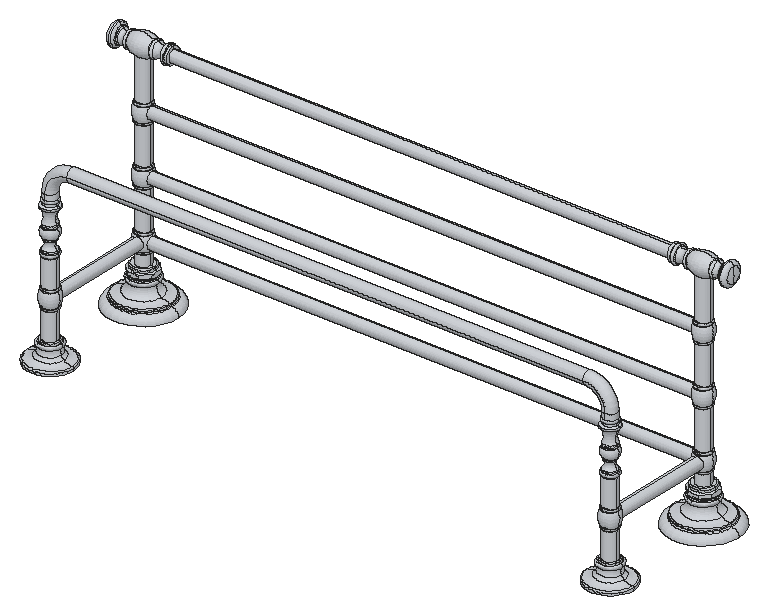
Revit family "Accessory-Towel_Bar-KOHLER-Artifacts-K-72575_1", category Specialty Equipment, host Face, Revit 2015
Parameters (values of type "CP-Polished Chrome")
  Width = 10"  # constant formula
  URL = "https://www.us.kohler.com/us/"
  Type = 1
  Product Page URL = "http://www.us.kohler.com/us/catalog/productDetails.jsp?productNumber=72575"
  Product Name = "Artifacts"  # constant formula
  Product Documentation Link = "http://www.us.kohler.com/onlinecatalog/pdf/K-72575_spec.pdf"
  Model = if(Type = 1, "K-72575-CP", if(Type = 2, "K-72575-SN", if(Type = 3, "K-72575-BN", if(Type = 4, "K-72575-BV", if(Type = 5, "K-72575-2BZ", if(Type = 6, "K-72575-VNT", "NA"))))))  # "K-72575-CP"
  Material = "Premium Metal Construction"  # constant formula
  MasterFormat 2004 = "10.28.13"  # constant formula
  MasterFormat 1995 = "10820"  # constant formula
  Manufacturer Address = "444 Highland Dr, Kohler, WI 53044"  # constant formula
  Manufacturer = "KOHLER Co."  # constant formula
  Length = 24"  # constant formula
  Height = 7 1/2"  # constant formula
  Finish = Kohler-Metal-CP-Polished_Chrome
  Environmental Product Declaration = ""
  Description = "Hotelier"  # constant formula
  Default Elevation = 42"
  Declare Label = ""
  Date Modified = "10/13/2018"  # constant formula
  Date Created = "10/13/2018"  # constant formula
  Copyright = "Copyright KOHLER Co."  # constant formula
  Contact Us = "https://www.us.kohler.com/us/static/contact.jsp"
  Assembly Code = "C1030200"
  ADA Compliant = 1 = 0  # no
Reference planes (in)
  plane 1 "Center (Front/Back)": y = 0
  plane 2: z = 0
  plane 3 "Center (Left/Right)": x = 0
  plane 4: x = 12
  plane 5: x = -12
  plane 6: z = 10
  plane 7: y = 1.5
  plane 8: y = -6
Dimensions and locks (in)
  "Width": plane 6 to plane 2
  "Height": plane 8 to plane 7
  "Length": plane 5 to plane 4
  aligned and locked: plane 2 to host face
  aligned and locked: level to host face
  aligned and locked: plane 4 to nested 1
  aligned and locked: plane 5 to nested 1
Automatic sketch dimensions
  host sketch curve to host sketch curve = 96"  (x2)
Nested families (in)
  nested 1: "K-72575" at (0, 0, 0), type "K-72575"
Definition of nested family "K-72575"
  Parameters (values of type "K-72575")
    Material = none
  Reference planes (in)
    plane 1 "Center (Front/Back)": y = 0
    plane 2: z = 0
    plane 3 "Center (Left/Right)": x = 0
    plane 4 "A": x = -12
    plane 5 "B": x = 12
    plane 6: x = -13.5
    plane 7: x = -10.5
    plane 8: y = 1.5
    plane 9: y = -6
    plane 10: y = -1.5
    plane 11: z = 2.5
    plane 12: z = 5
    plane 13: z = 7.5
    plane 14: z = 10
    plane 15: x = 10.5
    plane 16: x = 13.5
    plane 17 "C": y = -4.99985
  Forms (in)
    Revolve 1, solid, material <- "Material", detail levels medium+fine
      sketch origin (0, 0, 0) x (1, 0, 0) y (0, 0, 1)
        loop
          line (-12, 10) -> (-12.30053, 10) -> (-12.30053, 7.87648)
          arc (-12.30053, 7.87648) -> (-12.30595, 7.85902) -> (-12.32032, 7.8477) r 0.03081
          arc (-12.32032, 7.8477) -> (-12.34425, 7.82123) -> (-12.33697, 7.78629) r 0.03938
          arc (-12.33697, 7.78629) -> (-12.33115, 7.77213) -> (-12.3339, 7.75706) r 0.02719
          arc (-12.3339, 7.75706) -> (-12.40604, 7.45151) -> (-12.3322, 7.14636) r 0.67521
          arc (-12.3322, 7.14636) -> (-12.32956, 7.13051) -> (-12.33652, 7.11604) r 0.0266
          arc (-12.33652, 7.11604) -> (-12.34478, 7.08407) -> (-12.32222, 7.05996) r 0.03427
          arc (-12.32222, 7.05996) -> (-12.30554, 7.04781) -> (-12.29917, 7.02817) r 0.03344
          line (-12.29917, 7.02817) -> (-12.29917, 5.44024)
          arc (-12.29917, 5.44024) -> (-12.30074, 5.41166) -> (-12.32163, 5.39211) r 0.0384
          arc (-12.32163, 5.39211) -> (-12.3448, 5.3664) -> (-12.33803, 5.33247) r 0.03858
          arc (-12.33803, 5.33247) -> (-12.33246, 5.31827) -> (-12.33535, 5.3033) r 0.02739
          arc (-12.33535, 5.3033) -> (-12.40753, 4.99784) -> (-12.33376, 4.69276) r 0.67499
          arc (-12.33376, 4.69276) -> (-12.33117, 4.67682) -> (-12.33822, 4.66229) r 0.02676
          arc (-12.33822, 4.66229) -> (-12.34653, 4.63041) -> (-12.32407, 4.60632) r 0.03418
          arc (-12.32407, 4.60632) -> (-12.30652, 4.59287) -> (-12.3012, 4.57142) r 0.03346
          line (-12.3012, 4.57142) -> (-12.3012, 2.92544)
          arc (-12.3012, 2.92544) -> (-12.30757, 2.9058) -> (-12.32426, 2.89364) r 0.03346
          arc (-12.32426, 2.89364) -> (-12.34647, 2.86701) -> (-12.33903, 2.83268) r 0.03938
          arc (-12.33903, 2.83268) -> (-12.33321, 2.81851) -> (-12.33597, 2.80345) r 0.02719
          arc (-12.33597, 2.80345) -> (-12.4081, 2.49789) -> (-12.33426, 2.19275) r 0.67521
          arc (-12.33426, 2.19275) -> (-12.33162, 2.1769) -> (-12.33859, 2.16242) r 0.0266
          arc (-12.33859, 2.16242) -> (-12.34685, 2.13045) -> (-12.32428, 2.10635) r 0.03427
          arc (-12.32428, 2.10635) -> (-12.3076, 2.09419) -> (-12.30123, 2.07456) r 0.03344
          line (-12.30123, 2.07456) -> (-12.30123, 1.61016) -> (-12.4611, 1.61016)
          arc (-12.4611, 1.61016) -> (-12.48854, 1.5988) -> (-12.49991, 1.57135) r 0.03881
          line (-12.49991, 1.57135) -> (-12.49991, 1.48615) -> (-12.71535, 1.36176) -> (-12.55108, 1.26306)
          arc (-12.55108, 1.26306) -> (-12.52246, 1.24241) -> (-12.51152, 1.20886) r 0.05691
          line (-12.51152, 1.20886) -> (-12.51152, 1.16451)
          arc (-12.51152, 1.16451) -> (-12.52006, 1.1439) -> (-12.54067, 1.13536) r 0.02915
          line (-12.54067, 1.13536) -> (-12.60398, 1.13536)
          arc (-12.60398, 1.13536) -> (-12.64871, 1.07439) -> (-12.60382, 1.01353) r 0.06381
          arc (-12.60382, 1.01353) -> (-12.59075, 1.00567) -> (-12.5828, 0.99266) r 0.03202
          arc (-12.5828, 0.99266) -> (-12.59478, 0.7331) -> (-12.77276, 0.54379) r 0.37454
          arc (-12.77276, 0.54379) -> (-12.95616, 0.47424) -> (-13.1497, 0.4423) r 0.98757
          arc (-13.1497, 0.4423) -> (-13.17044, 0.43251) -> (-13.17888, 0.41118) r 0.03118
          line (-13.17888, 0.41118) -> (-13.17888, 0.35427)
          arc (-13.17888, 0.35427) -> (-13.18869, 0.3289) -> (-13.21301, 0.31674) r 0.0377
          arc (-13.21301, 0.31674) -> (-13.41791, 0.214) -> (-13.5, 0) r 0.31703
          line (-13.5, 0) -> (-12, 0) -> (-12, 10)
        axis (-12, 0) -> (-12, 10)
      angle from 0 to 360
    Extrusion 2, void
      sketch origin (0, 0, 0) x (1, 0, 0) y (0, 1, 0)
        loop
          line (-11.767, 0.5625) -> (-12.233, 0.5625) -> (-12.5625, 0.233) -> (-12.5625, -0.233) -> (-12.233, -0.5625) -> (-11.767, -0.5625) -> (-11.4375, -0.233) -> (-11.4375, 0.233) -> (-11.767, 0.5625)
        loop
          circle (-12, 0) r 0.92006
      from 1.22402 to 1.56095
    Extrusion 3, void
      sketch origin (0, 0, 0) x (-1, 0, 0) y (0, -1, 0)
        loop
          line (-11.767, -0.5625) -> (-11.4375, -0.233) -> (-11.4375, 0.233) -> (-11.767, 0.5625) -> (-12.233, 0.5625) -> (-12.5625, 0.233) -> (-12.5625, -0.233) -> (-12.233, -0.5625) -> (-11.767, -0.5625)
        loop
          circle (-12, 0) r 0.92006
      from 1.22402 to 1.56095
    Revolve 4, solid, material <- "Material", detail levels medium+fine
      sketch origin (0, 0, 0) x (1, 0, 0) y (0, 0, 1)
        loop
          line (12, 2.5) -> (12, 2.75) -> (-12, 2.75) -> (-12, 2.5) -> (12, 2.5)
        axis (12, 2.5) -> (-12, 2.5)
      angle from 0 to 360
    Revolve 5, solid, material <- "Material", detail levels medium+fine
      sketch origin (0, 0, 2.5) x (1, 0, 0) y (0, 0, 1)
        loop
          line (12, 2.5) -> (12, 2.75) -> (-12, 2.75) -> (-12, 2.5) -> (12, 2.5)
        axis (12, 2.5) -> (-12, 2.5)
      angle from 0 to 360
    Revolve 6, solid, material <- "Material", detail levels medium+fine
      sketch origin (0, 0, 5) x (1, 0, 0) y (0, 0, 1)
        loop
          line (12, 2.5) -> (12, 2.75) -> (-12, 2.75) -> (-12, 2.5) -> (12, 2.5)
        axis (12, 2.5) -> (-12, 2.5)
      angle from 0 to 360
    Revolve 7, solid, material <- "Material", detail levels medium+fine
      sketch origin (0, 0, 0) x (1, 0, 0) y (0, 0, 1)
        loop
          arc (13.31142, 10) -> (13.30332, 10.16976) -> (13.27907, 10.33799) r 1.78199
          arc (13.27907, 10.33799) -> (13.21715, 10.44258) -> (13.10291, 10.48412) r 0.18035
          arc (13.10291, 10.48412) -> (13.07495, 10.47973) -> (13.0498, 10.46674) r 0.08844
          arc (13.0498, 10.46674) -> (13.00068, 10.41815) -> (12.96716, 10.35774) r 0.24387
          arc (12.96716, 10.35774) -> (12.95751, 10.34466) -> (12.94249, 10.33845) r 0.03032
          line (12.94249, 10.33845) -> (12.9068, 10.33845)
          arc (12.9068, 10.33845) -> (12.89161, 10.3342) -> (12.88083, 10.32267) r 0.02927
          arc (12.88083, 10.32267) -> (12.75293, 10.2432) -> (12.62193, 10.31743) r 0.14748
          arc (12.62193, 10.31743) -> (12.56875, 10.35347) -> (12.50769, 10.33352) r 0.07298
          arc (12.50769, 10.33352) -> (12.4925, 10.32627) -> (12.47603, 10.32974) r 0.02625
          arc (12.47603, 10.32974) -> (12.0054, 10.45992) -> (11.5333, 10.33518) r 0.93535
          arc (11.5333, 10.33518) -> (11.50941, 10.32971) -> (11.48655, 10.33856) r 0.04185
          arc (11.48655, 10.33856) -> (11.43592, 10.35397) -> (11.38819, 10.33112) r 0.07298
          arc (11.38819, 10.33112) -> (11.20332, 10.24657) -> (11.01224, 10.31595) r 0.26825
          arc (11.01224, 10.31595) -> (11.0017, 10.32874) -> (10.99526, 10.34401) r 0.05738
          arc (10.99526, 10.34401) -> (10.9475, 10.38933) -> (10.88577, 10.36641) r 0.06225
          arc (10.88577, 10.36641) -> (10.87151, 10.35478) -> (10.85359, 10.35061) r 0.04068
          line (10.85359, 10.35061) -> (10.73031, 10.35061) -> (10.73031, 10.25026) -> (-10.73031, 10.25026) -> (-10.73031, 10.35061) -> (-10.85359, 10.35061)
          arc (-10.85359, 10.35061) -> (-10.87151, 10.35478) -> (-10.88577, 10.36641) r 0.04068
          arc (-10.88577, 10.36641) -> (-10.9475, 10.38933) -> (-10.99526, 10.34401) r 0.06225
          arc (-10.99526, 10.34401) -> (-11.0017, 10.32874) -> (-11.01224, 10.31595) r 0.05738
          arc (-11.01224, 10.31595) -> (-11.20332, 10.24657) -> (-11.38819, 10.33112) r 0.26825
          arc (-11.38819, 10.33112) -> (-11.43592, 10.35397) -> (-11.48655, 10.33856) r 0.07298
          arc (-11.48655, 10.33856) -> (-11.50941, 10.32971) -> (-11.5333, 10.33518) r 0.04185
          arc (-11.5333, 10.33518) -> (-12.0054, 10.45992) -> (-12.47603, 10.32974) r 0.93535
          arc (-12.47603, 10.32974) -> (-12.4925, 10.32627) -> (-12.50769, 10.33352) r 0.02625
          arc (-12.50769, 10.33352) -> (-12.56875, 10.35347) -> (-12.62193, 10.31743) r 0.07298
          arc (-12.62193, 10.31743) -> (-12.75293, 10.2432) -> (-12.88083, 10.32267) r 0.14748
          arc (-12.88083, 10.32267) -> (-12.89161, 10.3342) -> (-12.9068, 10.33845) r 0.02927
          line (-12.9068, 10.33845) -> (-12.94249, 10.33845)
          arc (-12.94249, 10.33845) -> (-12.95751, 10.34466) -> (-12.96716, 10.35774) r 0.03032
          arc (-12.96716, 10.35774) -> (-13.00068, 10.41815) -> (-13.0498, 10.46674) r 0.24387
          arc (-13.0498, 10.46674) -> (-13.07495, 10.47973) -> (-13.10291, 10.48412) r 0.08844
          arc (-13.10291, 10.48412) -> (-13.21715, 10.44258) -> (-13.27907, 10.33799) r 0.18035
          arc (-13.27907, 10.33799) -> (-13.30332, 10.16976) -> (-13.31142, 10) r 1.78199
          line (-13.31142, 10) -> (13.31142, 10)
        axis (13.31142, 10) -> (-13.31142, 10)
      angle from 0 to 360
    Revolve 8, solid, material <- "Material", detail levels medium+fine
      sketch origin (0, -4.99985, 0) x (1, 0, 0) y (0, 0, 1)
        loop
          line (-12, 0) -> (-12, 6.30326) -> (-12.27559, 6.30326)
          arc (-12.27559, 6.30326) -> (-12.32322, 6.25755) -> (-12.28758, 6.20198) r 0.05198
          line (-12.28758, 6.20198) -> (-12.28758, 6.08281)
          arc (-12.28758, 6.08281) -> (-12.34582, 6.06417) -> (-12.38878, 6.02064) r 0.12805
          arc (-12.38878, 6.02064) -> (-12.39463, 5.99426) -> (-12.38361, 5.96959) r 0.04305
          arc (-12.38361, 5.96959) -> (-12.2366, 5.66691) -> (-12.27763, 5.33294) r 0.59394
          arc (-12.27763, 5.33294) -> (-12.28784, 5.30076) -> (-12.29129, 5.26718) r 0.16519
          line (-12.29129, 5.26718) -> (-12.29129, 5.23294)
          arc (-12.29129, 5.23294) -> (-12.29406, 5.21541) -> (-12.30248, 5.1998) r 0.05277
          arc (-12.30248, 5.1998) -> (-12.36406, 5.00254) -> (-12.27984, 4.81383) r 0.2924
          arc (-12.27984, 4.81383) -> (-12.26573, 4.7906) -> (-12.26368, 4.76349) r 0.05832
          arc (-12.26368, 4.76349) -> (-12.26247, 4.74133) -> (-12.25215, 4.72167) r 0.05217
          arc (-12.25215, 4.72167) -> (-12.19081, 4.51989) -> (-12.29385, 4.33588) r 0.26901
          arc (-12.29385, 4.33588) -> (-12.30649, 4.3204) -> (-12.31101, 4.30094) r 0.04415
          line (-12.31101, 4.30094) -> (-12.31101, 4.25194)
          arc (-12.31101, 4.25194) -> (-12.34995, 4.19985) -> (-12.32495, 4.13981) r 0.06566
          arc (-12.32495, 4.13981) -> (-12.30884, 4.12007) -> (-12.30308, 4.09525) r 0.05632
          line (-12.30308, 4.09525) -> (-12.30308, 2.92564)
          arc (-12.30308, 2.92564) -> (-12.30847, 2.90726) -> (-12.32292, 2.8947) r 0.03404
          arc (-12.32292, 2.8947) -> (-12.34438, 2.8692) -> (-12.33832, 2.83644) r 0.03902
          arc (-12.33832, 2.83644) -> (-12.33299, 2.82195) -> (-12.33588, 2.80679) r 0.02886
          arc (-12.33588, 2.80679) -> (-12.40754, 2.49983) -> (-12.33567, 2.19292) r 0.69225
          arc (-12.33567, 2.19292) -> (-12.33284, 2.17801) -> (-12.33816, 2.16379) r 0.02819
          arc (-12.33816, 2.16379) -> (-12.34466, 2.13195) -> (-12.3248, 2.10623) r 0.03902
          arc (-12.3248, 2.10623) -> (-12.30616, 2.08866) -> (-12.29929, 2.06399) r 0.04771
          line (-12.29929, 2.06399) -> (-12.29929, 0.90938) -> (-12.36333, 0.90938)
          arc (-12.36333, 0.90938) -> (-12.3848, 0.90108) -> (-12.39377, 0.87988) r 0.02951
          line (-12.39377, 0.87988) -> (-12.39377, 0.81095) -> (-12.45703, 0.81095)
          arc (-12.45703, 0.81095) -> (-12.51753, 0.75045) -> (-12.45703, 0.68995) r 0.0605
          arc (-12.45703, 0.68995) -> (-12.4408, 0.55208) -> (-12.46848, 0.41606) r 0.43848
          arc (-12.46848, 0.41606) -> (-12.51642, 0.32848) -> (-12.58686, 0.25773) r 0.35481
          arc (-12.58686, 0.25773) -> (-12.75901, 0.16792) -> (-12.951, 0.13895) r 0.58905
          arc (-12.951, 0.13895) -> (-12.9856, 0.1251) -> (-13, 0.09072) r 0.04823
          line (-13, 0.09072) -> (-13, 0) -> (-12, 0)
        axis (-12, 0) -> (-12, 6.30326)
      angle from 0 to 360
    Sweep 9, solid, material <- "Material", detail levels medium+fine
      path origin (0, -4.99985, 0) x (1, 0, 0) y (0, 0, 1)
        loop
          line (12, 6.30326) -> (12, 6.55859)
          arc (12, 6.55859) -> (11.72427, 7.22427) -> (11.05859, 7.5) r 0.94141
          line (11.05859, 7.5) -> (-11.05859, 7.5)
          arc (-11.05859, 7.5) -> (-11.72427, 7.22427) -> (-12, 6.55859) r 0.94141
          line (-12, 6.55859) -> (-12, 6.30326)
      profile origin (-12, -4.99985, 6.30326) x (0, -1, 0) y (1, 0, 0)
        loop
          circle (0, 0) r 0.27559
    Revolve 10, solid, material <- "Material", detail levels medium+fine
      sketch origin (0, -4.99985, 0) x (-1, 0, 0) y (0, 0, 1)
        loop
          line (-12, 0) -> (-12, 6.30326) -> (-12.27559, 6.30326)
          arc (-12.27559, 6.30326) -> (-12.32322, 6.25755) -> (-12.28758, 6.20198) r 0.05198
          line (-12.28758, 6.20198) -> (-12.28758, 6.08281)
          arc (-12.28758, 6.08281) -> (-12.34582, 6.06417) -> (-12.38878, 6.02064) r 0.12805
          arc (-12.38878, 6.02064) -> (-12.39463, 5.99426) -> (-12.38361, 5.96959) r 0.04305
          arc (-12.38361, 5.96959) -> (-12.2366, 5.66691) -> (-12.27763, 5.33294) r 0.59394
          arc (-12.27763, 5.33294) -> (-12.28784, 5.30076) -> (-12.29129, 5.26718) r 0.16519
          line (-12.29129, 5.26718) -> (-12.29129, 5.23294)
          arc (-12.29129, 5.23294) -> (-12.29406, 5.21541) -> (-12.30248, 5.1998) r 0.05277
          arc (-12.30248, 5.1998) -> (-12.36406, 5.00254) -> (-12.27984, 4.81383) r 0.2924
          arc (-12.27984, 4.81383) -> (-12.26573, 4.7906) -> (-12.26368, 4.76349) r 0.05832
          arc (-12.26368, 4.76349) -> (-12.26247, 4.74133) -> (-12.25215, 4.72167) r 0.05217
          arc (-12.25215, 4.72167) -> (-12.19081, 4.51989) -> (-12.29385, 4.33588) r 0.26901
          arc (-12.29385, 4.33588) -> (-12.30649, 4.3204) -> (-12.31101, 4.30094) r 0.04415
          line (-12.31101, 4.30094) -> (-12.31101, 4.25194)
          arc (-12.31101, 4.25194) -> (-12.34995, 4.19985) -> (-12.32495, 4.13981) r 0.06566
          arc (-12.32495, 4.13981) -> (-12.30884, 4.12007) -> (-12.30308, 4.09525) r 0.05632
          line (-12.30308, 4.09525) -> (-12.30308, 2.92564)
          arc (-12.30308, 2.92564) -> (-12.30847, 2.90726) -> (-12.32292, 2.8947) r 0.03404
          arc (-12.32292, 2.8947) -> (-12.34438, 2.8692) -> (-12.33832, 2.83644) r 0.03902
          arc (-12.33832, 2.83644) -> (-12.33299, 2.82195) -> (-12.33588, 2.80679) r 0.02886
          arc (-12.33588, 2.80679) -> (-12.40754, 2.49983) -> (-12.33567, 2.19292) r 0.69225
          arc (-12.33567, 2.19292) -> (-12.33284, 2.17801) -> (-12.33816, 2.16379) r 0.02819
          arc (-12.33816, 2.16379) -> (-12.34466, 2.13195) -> (-12.3248, 2.10623) r 0.03902
          arc (-12.3248, 2.10623) -> (-12.30616, 2.08866) -> (-12.29929, 2.06399) r 0.04771
          line (-12.29929, 2.06399) -> (-12.29929, 0.90938) -> (-12.36333, 0.90938)
          arc (-12.36333, 0.90938) -> (-12.3848, 0.90108) -> (-12.39377, 0.87988) r 0.02951
          line (-12.39377, 0.87988) -> (-12.39377, 0.81095) -> (-12.45703, 0.81095)
          arc (-12.45703, 0.81095) -> (-12.51753, 0.75045) -> (-12.45703, 0.68995) r 0.0605
          arc (-12.45703, 0.68995) -> (-12.4408, 0.55208) -> (-12.46848, 0.41606) r 0.43848
          arc (-12.46848, 0.41606) -> (-12.51642, 0.32848) -> (-12.58686, 0.25773) r 0.35481
          arc (-12.58686, 0.25773) -> (-12.75901, 0.16792) -> (-12.951, 0.13895) r 0.58905
          arc (-12.951, 0.13895) -> (-12.9856, 0.1251) -> (-13, 0.09072) r 0.04823
          line (-13, 0.09072) -> (-13, 0) -> (-12, 0)
        axis (-12, 0) -> (-12, 6.30326)
      angle from 0 to 360
    Revolve 11, solid, material <- "Material", detail levels medium+fine
      sketch origin (0, 0, 0) x (1, 0, 0) y (0, 0, 1)
        loop
          line (12, 10) -> (11.69948, 10) -> (11.69948, 7.87648)
          arc (11.69948, 7.87648) -> (11.69405, 7.85902) -> (11.67968, 7.8477) r 0.03081
          arc (11.67968, 7.8477) -> (11.65575, 7.82123) -> (11.66303, 7.78629) r 0.03938
          arc (11.66303, 7.78629) -> (11.66886, 7.77213) -> (11.6661, 7.75706) r 0.02719
          arc (11.6661, 7.75706) -> (11.59396, 7.45151) -> (11.6678, 7.14636) r 0.67521
          arc (11.6678, 7.14636) -> (11.67045, 7.13051) -> (11.66348, 7.11604) r 0.0266
          arc (11.66348, 7.11604) -> (11.65522, 7.08407) -> (11.67778, 7.05996) r 0.03427
          arc (11.67778, 7.05996) -> (11.69446, 7.04781) -> (11.70083, 7.02817) r 0.03344
          line (11.70083, 7.02817) -> (11.70083, 5.44024)
          arc (11.70083, 5.44024) -> (11.69927, 5.41166) -> (11.67837, 5.39211) r 0.0384
          arc (11.67837, 5.39211) -> (11.65521, 5.3664) -> (11.66197, 5.33247) r 0.03858
          arc (11.66197, 5.33247) -> (11.66754, 5.31827) -> (11.66466, 5.3033) r 0.02739
          arc (11.66466, 5.3033) -> (11.59247, 4.99794) -> (11.66614, 4.69294) r 0.67499
          arc (11.66614, 4.69294) -> (11.66885, 4.67693) -> (11.66179, 4.6623) r 0.02676
          arc (11.66179, 4.6623) -> (11.65347, 4.63042) -> (11.67594, 4.60632) r 0.03418
          arc (11.67594, 4.60632) -> (11.69348, 4.59287) -> (11.6988, 4.57142) r 0.03346
          line (11.6988, 4.57142) -> (11.6988, 2.92544)
          arc (11.6988, 2.92544) -> (11.69243, 2.9058) -> (11.67574, 2.89364) r 0.03346
          arc (11.67574, 2.89364) -> (11.65353, 2.86701) -> (11.66097, 2.83268) r 0.03938
          arc (11.66097, 2.83268) -> (11.66679, 2.81851) -> (11.66404, 2.80345) r 0.02719
          arc (11.66404, 2.80345) -> (11.5919, 2.49789) -> (11.66574, 2.19275) r 0.67521
          arc (11.66574, 2.19275) -> (11.66838, 2.1769) -> (11.66141, 2.16242) r 0.0266
          arc (11.66141, 2.16242) -> (11.65316, 2.13045) -> (11.67572, 2.10635) r 0.03427
          arc (11.67572, 2.10635) -> (11.6924, 2.09419) -> (11.69877, 2.07456) r 0.03344
          line (11.69877, 2.07456) -> (11.69877, 1.61016) -> (11.53891, 1.61016)
          arc (11.53891, 1.61016) -> (11.51146, 1.5988) -> (11.5001, 1.57135) r 0.03881
          line (11.5001, 1.57135) -> (11.5001, 1.48615) -> (11.28465, 1.36176) -> (11.44892, 1.26306)
          arc (11.44892, 1.26306) -> (11.47754, 1.24241) -> (11.48848, 1.20886) r 0.05691
          line (11.48848, 1.20886) -> (11.48848, 1.16451)
          arc (11.48848, 1.16451) -> (11.47994, 1.1439) -> (11.45933, 1.13536) r 0.02915
          line (11.45933, 1.13536) -> (11.39602, 1.13536)
          arc (11.39602, 1.13536) -> (11.35129, 1.07439) -> (11.39618, 1.01353) r 0.06381
          arc (11.39618, 1.01353) -> (11.40925, 1.00567) -> (11.4172, 0.99266) r 0.03202
          arc (11.4172, 0.99266) -> (11.40522, 0.7331) -> (11.22724, 0.54379) r 0.37454
          arc (11.22724, 0.54379) -> (11.04384, 0.47424) -> (10.85031, 0.4423) r 0.98757
          arc (10.85031, 0.4423) -> (10.82956, 0.43251) -> (10.82112, 0.41118) r 0.03118
          line (10.82112, 0.41118) -> (10.82112, 0.35427)
          arc (10.82112, 0.35427) -> (10.81132, 0.3289) -> (10.78699, 0.31674) r 0.0377
          arc (10.78699, 0.31674) -> (10.5821, 0.214) -> (10.5, 0) r 0.31703
          line (10.5, 0) -> (12, 0) -> (12, 10)
        axis (12, 0) -> (12, 10)
      angle from 0 to 360
    Revolve 12, solid, material <- "Material", detail levels medium+fine
      sketch origin (-12, 0, 0) x (0, 1, 0) y (0, 0, 1)
        loop
          line (0, 2.5) -> (0, 2.75) -> (-4.99985, 2.75) -> (-4.99985, 2.5) -> (0, 2.5)
        axis (0, 2.5) -> (-4.99985, 2.5)
      angle from 0 to 360
    Revolve 13, solid, material <- "Material", detail levels medium+fine
      sketch origin (12, 0, 0) x (0, 1, 0) y (0, 0, 1)
        loop
          line (-4.99985, 2.5) -> (0, 2.5) -> (0, 2.75) -> (-4.99985, 2.75) -> (-4.99985, 2.5)
        axis (0, 2.5) -> (-4.99985, 2.5)
      angle from 0 to 360
    Extrusion 14, solid, material <- "Material", detail levels coarse
      sketch origin (0, 0, 0) x (1, 0, 0) y (0, 0, 1)
        loop
          line (-11.5389, 1.61016) -> (-11.5389, 2.18588) -> (11.5389, 2.18588) -> (11.5389, 1.61016) -> (12.4611, 1.61016) -> (12.4611, 9.51588) -> (13.5, 9.51588) -> (13.5, 10.48412) -> (0, 10.48412) -> (-13.5, 10.48412) -> (-13.5, 9.51588) -> (-12.4611, 9.51588) -> (-12.4611, 1.61016) -> (-11.5389, 1.61016)
        loop
          line (-11.5389, 9.51588) -> (-11.5389, 7.89219) -> (11.5389, 7.89219) -> (11.5389, 9.51588) -> (0, 9.51588) -> (-11.5389, 9.51588)
        loop
          line (-11.5389, 7.10781) -> (-11.5389, 5.35781) -> (11.5389, 5.35781) -> (11.5389, 7.10781) -> (-11.5389, 7.10781)
        loop
          line (-11.5389, 4.68948) -> (-11.5389, 2.86016) -> (11.5389, 2.86016) -> (11.5389, 4.68948) -> (-11.5389, 4.68948)
      from -0.5625 to 0.5625
    Extrusion 15, solid, material <- "Material", detail levels coarse
      sketch origin (0, -4.99985, 0) x (1, 0, 0) y (0, 0, 1)
        loop
          line (-12.4611, 0.90938) -> (-11.5389, 0.90938) -> (-11.5389, 7.10781) -> (0.47764, 7.10781) -> (11.5389, 7.10781) -> (11.5389, 0.90938) -> (12.4611, 0.90938) -> (12.4611, 7.89219) -> (0.74894, 7.89219) -> (-12.4611, 7.89219) -> (-12.4611, 0.90938)
      from -0.49031 to 0.46161
    Extrusion 16, solid, material <- "Material", detail levels coarse
      sketch origin (0, 0, 0) x (1, 0, 0) y (0, 1, 0)
        loop
          line (-13.5, 1.5) -> (-13.5, -1.5) -> (-10.5, -1.5) -> (-10.5, 1.5) -> (-13.5, 1.5)
        loop
          line (-13, -6) -> (-11, -6) -> (-11, -3.99819) -> (-13, -3.99819) -> (-13, -6)
        loop
          line (13.5, 1.5) -> (10.5, 1.5) -> (10.5, -1.5) -> (13.5, -1.5) -> (13.5, 1.5)
        loop
          line (13, -6) -> (13, -3.99819) -> (11, -3.99819) -> (11, -6) -> (13, -6)
      from 0 to 1.74467
    Extrusion 17, solid, material <- "Material", detail levels coarse
      sketch origin (0, 0, 0) x (1, 0, 0) y (0, 1, 0)
        loop
          line (-12.4611, -0.5625) -> (-12.4611, -4.50954) -> (-11.5389, -4.50954) -> (-11.5389, -0.5625) -> (-12.4611, -0.5625)
        loop
          line (12.4611, -0.5625) -> (11.5389, -0.5625) -> (11.5389, -4.50954) -> (12.4611, -4.50954) -> (12.4611, -0.5625)
      from 2.18588 to 2.89363
  Cuts and joins
    Extrusion 2, Extrusion 3 cuts Revolve 1
    Extrusion 3 cuts Revolve 11
    joined: Revolve 1, Revolve 4, Revolve 5, Revolve 6, Revolve 7, Revolve 8, Sweep 9, Revolve 10, Revolve 11, Revolve 12, Revolve 13
    joined: Extrusion 14, Extrusion 15, Extrusion 16, Extrusion 17
  Lines and regions (in)
    Masking region 1
      outline origin (0, -4.99985, 0) x (1, 0, 0) y (0, 0, 1)
        loop
          arc (-13.21301, 0.31674) -> (-13.41791, 0.214) -> (-13.5, 0) r 0.31703
          line (-13.5, 0) -> (-12, 0) -> (-10.5, 0)
          arc (-10.5, 0) -> (-10.58209, 0.214) -> (-10.78699, 0.31674) r 0.31703
          arc (-10.78699, 0.31674) -> (-10.81131, 0.3289) -> (-10.82112, 0.35427) r 0.0377
          line (-10.82112, 0.35427) -> (-10.82112, 0.41118)
          arc (-10.82112, 0.41118) -> (-10.82956, 0.43251) -> (-10.8503, 0.4423) r 0.03118
          arc (-10.8503, 0.4423) -> (-11.04384, 0.47424) -> (-11.22724, 0.54379) r 0.98757
          arc (-11.22724, 0.54379) -> (-11.40522, 0.7331) -> (-11.4172, 0.99266) r 0.37454
          arc (-11.4172, 0.99266) -> (-11.40925, 1.00567) -> (-11.39618, 1.01353) r 0.03202
          arc (-11.39618, 1.01353) -> (-11.35129, 1.07439) -> (-11.39602, 1.13536) r 0.06381
          line (-11.39602, 1.13536) -> (-11.45933, 1.13536)
          arc (-11.45933, 1.13536) -> (-11.47994, 1.1439) -> (-11.48848, 1.16451) r 0.02915
          line (-11.48848, 1.16451) -> (-11.48848, 1.20886)
          arc (-11.48848, 1.20886) -> (-11.48337, 1.23242) -> (-11.46897, 1.25175) r 0.05691
          line (-11.46897, 1.25175) -> (-11.4375, 1.26992) -> (-11.4375, 1.45001) -> (-11.50009, 1.48615) -> (-11.50009, 1.57135)
          arc (-11.50009, 1.57135) -> (-11.51146, 1.5988) -> (-11.5389, 1.61016) r 0.03881
          line (-11.5389, 1.61016) -> (-11.69877, 1.61016) -> (-11.69877, 2.07456)
          arc (-11.69877, 2.07456) -> (-11.6924, 2.09419) -> (-11.67572, 2.10635) r 0.03344
          arc (-11.67572, 2.10635) -> (-11.65315, 2.13045) -> (-11.66141, 2.16242) r 0.03427
          arc (-11.66141, 2.16242) -> (-11.66838, 2.1769) -> (-11.66574, 2.19275) r 0.0266
          arc (-11.66574, 2.19275) -> (-11.6521, 2.22107) -> (-11.63979, 2.25) r 0.67521
          line (-11.63979, 2.25) -> (0, 2.25) -> (11.63979, 2.25)
          arc (11.63979, 2.25) -> (11.6521, 2.22107) -> (11.66574, 2.19275) r 0.67521
          arc (11.66574, 2.19275) -> (11.66838, 2.1769) -> (11.66141, 2.16242) r 0.0266
          arc (11.66141, 2.16242) -> (11.65315, 2.13045) -> (11.67572, 2.10635) r 0.03427
          arc (11.67572, 2.10635) -> (11.6924, 2.09419) -> (11.69877, 2.07456) r 0.03344
          line (11.69877, 2.07456) -> (11.69877, 1.61016) -> (11.5389, 1.61016)
          arc (11.5389, 1.61016) -> (11.51146, 1.5988) -> (11.50009, 1.57135) r 0.03881
          line (11.50009, 1.57135) -> (11.50009, 1.48615) -> (11.4375, 1.45001) -> (11.4375, 1.26992) -> (11.46897, 1.25175)
          arc (11.46897, 1.25175) -> (11.48337, 1.23242) -> (11.48848, 1.20886) r 0.05691
          line (11.48848, 1.20886) -> (11.48848, 1.16451)
          arc (11.48848, 1.16451) -> (11.47994, 1.1439) -> (11.45933, 1.13536) r 0.02915
          line (11.45933, 1.13536) -> (11.39602, 1.13536)
          arc (11.39602, 1.13536) -> (11.35129, 1.07439) -> (11.39618, 1.01353) r 0.06381
          arc (11.39618, 1.01353) -> (11.40925, 1.00567) -> (11.4172, 0.99266) r 0.03202
          arc (11.4172, 0.99266) -> (11.40522, 0.7331) -> (11.22724, 0.54379) r 0.37454
          arc (11.22724, 0.54379) -> (11.04384, 0.47424) -> (10.8503, 0.4423) r 0.98757
          arc (10.8503, 0.4423) -> (10.82956, 0.43251) -> (10.82112, 0.41118) r 0.03118
          line (10.82112, 0.41118) -> (10.82112, 0.35427)
          arc (10.82112, 0.35427) -> (10.81131, 0.3289) -> (10.78699, 0.31674) r 0.0377
          arc (10.78699, 0.31674) -> (10.58209, 0.214) -> (10.5, 0) r 0.31703
          line (10.5, 0) -> (12, 0) -> (13.5, 0)
          arc (13.5, 0) -> (13.41791, 0.214) -> (13.21301, 0.31674) r 0.31703
          arc (13.21301, 0.31674) -> (13.18869, 0.3289) -> (13.17888, 0.35427) r 0.0377
          line (13.17888, 0.35427) -> (13.17888, 0.41118)
          arc (13.17888, 0.41118) -> (13.17044, 0.43251) -> (13.1497, 0.4423) r 0.03118
          arc (13.1497, 0.4423) -> (12.95616, 0.47424) -> (12.77276, 0.54379) r 0.98757
          arc (12.77276, 0.54379) -> (12.59478, 0.7331) -> (12.5828, 0.99266) r 0.37454
          arc (12.5828, 0.99266) -> (12.59075, 1.00567) -> (12.60382, 1.01353) r 0.03202
          arc (12.60382, 1.01353) -> (12.64871, 1.07439) -> (12.60398, 1.13536) r 0.06381
          line (12.60398, 1.13536) -> (12.54067, 1.13536)
          arc (12.54067, 1.13536) -> (12.52006, 1.1439) -> (12.51152, 1.16451) r 0.02915
          line (12.51152, 1.16451) -> (12.51152, 1.20886)
          arc (12.51152, 1.20886) -> (12.51663, 1.23242) -> (12.53103, 1.25175) r 0.05691
          line (12.53103, 1.25175) -> (12.5625, 1.26992) -> (12.5625, 1.45001) -> (12.49991, 1.48615) -> (12.49991, 1.57135)
          arc (12.49991, 1.57135) -> (12.48854, 1.5988) -> (12.4611, 1.61016) r 0.03881
          line (12.4611, 1.61016) -> (12.30123, 1.61016) -> (12.30123, 2.07456)
          arc (12.30123, 2.07456) -> (12.3076, 2.09419) -> (12.32428, 2.10635) r 0.03344
          arc (12.32428, 2.10635) -> (12.34685, 2.13045) -> (12.33859, 2.16242) r 0.03427
          arc (12.33859, 2.16242) -> (12.33162, 2.1769) -> (12.33426, 2.19275) r 0.0266
          arc (12.33426, 2.19275) -> (12.4081, 2.49789) -> (12.33597, 2.80345) r 0.67521
          arc (12.33597, 2.80345) -> (12.33321, 2.81851) -> (12.33903, 2.83268) r 0.02719
          arc (12.33903, 2.83268) -> (12.34647, 2.86701) -> (12.32354, 2.89363) r 0.03938
          arc (12.32354, 2.89363) -> (12.30935, 2.90496) -> (12.30326, 2.92207) r 0.03318
          line (12.30326, 2.92207) -> (12.30326, 4.09483)
          arc (12.30326, 4.09483) -> (12.30909, 4.12003) -> (12.3254, 4.14011) r 0.05737
          arc (12.3254, 4.14011) -> (12.35013, 4.20013) -> (12.31101, 4.25194) r 0.06547
          line (12.31101, 4.25194) -> (12.31101, 4.29641)
          arc (12.31101, 4.29641) -> (12.3085, 4.31298) -> (12.3012, 4.32806) r 0.05594
          line (12.3012, 4.32806) -> (12.3012, 4.57142)
          arc (12.3012, 4.57142) -> (12.30652, 4.59287) -> (12.32407, 4.60632) r 0.03346
          arc (12.32407, 4.60632) -> (12.34653, 4.63042) -> (12.33822, 4.6623) r 0.03418
          arc (12.33822, 4.6623) -> (12.33117, 4.67682) -> (12.33376, 4.69276) r 0.02676
          arc (12.33376, 4.69276) -> (12.40753, 4.99784) -> (12.33535, 5.3033) r 0.67499
          arc (12.33535, 5.3033) -> (12.33246, 5.31827) -> (12.33803, 5.33247) r 0.02739
          arc (12.33803, 5.33247) -> (12.3448, 5.3664) -> (12.32163, 5.39211) r 0.03858
          arc (12.32163, 5.39211) -> (12.30074, 5.41166) -> (12.29917, 5.44024) r 0.0384
          line (12.29917, 5.44024) -> (12.29917, 5.8498)
          arc (12.29917, 5.8498) -> (12.33705, 5.91267) -> (12.38346, 5.96953) r 0.5165
          arc (12.38346, 5.96953) -> (12.39367, 5.98425) -> (12.39402, 6.00216) r 0.03097
          arc (12.39402, 6.00216) -> (12.35888, 6.05674) -> (12.29917, 6.0822) r 0.11057
          line (12.29917, 6.0822) -> (12.29917, 6.20744)
          arc (12.29917, 6.20744) -> (12.32392, 6.2516) -> (12.29917, 6.29576) r 0.05178
          line (12.29917, 6.29576) -> (12.29917, 7.02817)
          arc (12.29917, 7.02817) -> (12.30554, 7.04781) -> (12.32222, 7.05996) r 0.03344
          arc (12.32222, 7.05996) -> (12.34478, 7.08407) -> (12.33652, 7.11604) r 0.03427
          arc (12.33652, 7.11604) -> (12.32956, 7.13051) -> (12.3322, 7.14636) r 0.0266
          arc (12.3322, 7.14636) -> (12.40604, 7.45151) -> (12.3339, 7.75706) r 0.67521
          arc (12.3339, 7.75706) -> (12.33115, 7.77213) -> (12.33697, 7.78629) r 0.02719
          arc (12.33697, 7.78629) -> (12.34425, 7.82123) -> (12.32032, 7.8477) r 0.03938
          arc (12.32032, 7.8477) -> (12.30595, 7.85902) -> (12.30053, 7.87648) r 0.03081
          line (12.30053, 7.87648) -> (12.30053, 9.58966)
          arc (12.30053, 9.58966) -> (12.39036, 9.62542) -> (12.47603, 9.67026) r 0.93535
          arc (12.47603, 9.67026) -> (12.4925, 9.67373) -> (12.50769, 9.66648) r 0.02625
          arc (12.50769, 9.66648) -> (12.56875, 9.64653) -> (12.62193, 9.68257) r 0.07298
          arc (12.62193, 9.68257) -> (12.75293, 9.7568) -> (12.88083, 9.67733) r 0.14748
          arc (12.88083, 9.67733) -> (12.89161, 9.6658) -> (12.9068, 9.66155) r 0.02927
          line (12.9068, 9.66155) -> (12.94249, 9.66155)
          arc (12.94249, 9.66155) -> (12.95751, 9.65534) -> (12.96716, 9.64226) r 0.03032
          arc (12.96716, 9.64226) -> (13.00068, 9.58185) -> (13.0498, 9.53326) r 0.24387
          arc (13.0498, 9.53326) -> (13.07495, 9.52027) -> (13.10291, 9.51588) r 0.08844
          arc (13.10291, 9.51588) -> (13.21715, 9.55742) -> (13.27907, 9.66201) r 0.18035
          arc (13.27907, 9.66201) -> (13.30332, 9.83024) -> (13.31142, 10) r 1.78199
          arc (13.31142, 10) -> (13.30332, 10.16976) -> (13.27907, 10.33799) r 1.78199
          arc (13.27907, 10.33799) -> (13.21715, 10.44258) -> (13.10291, 10.48412) r 0.18035
          arc (13.10291, 10.48412) -> (13.07495, 10.47973) -> (13.0498, 10.46674) r 0.08844
          arc (13.0498, 10.46674) -> (13.00068, 10.41815) -> (12.96716, 10.35774) r 0.24387
          arc (12.96716, 10.35774) -> (12.95751, 10.34466) -> (12.94249, 10.33845) r 0.03032
          line (12.94249, 10.33845) -> (12.9068, 10.33845)
          arc (12.9068, 10.33845) -> (12.89161, 10.3342) -> (12.88083, 10.32267) r 0.02927
          arc (12.88083, 10.32267) -> (12.75293, 10.2432) -> (12.62193, 10.31743) r 0.14748
          arc (12.62193, 10.31743) -> (12.56875, 10.35347) -> (12.50769, 10.33352) r 0.07298
          arc (12.50769, 10.33352) -> (12.4925, 10.32627) -> (12.47603, 10.32974) r 0.02625
          arc (12.47603, 10.32974) -> (12.0054, 10.45992) -> (11.5333, 10.33518) r 0.93535
          arc (11.5333, 10.33518) -> (11.50941, 10.32971) -> (11.48655, 10.33856) r 0.04185
          arc (11.48655, 10.33856) -> (11.43592, 10.35397) -> (11.38819, 10.33112) r 0.07298
          arc (11.38819, 10.33112) -> (11.20332, 10.24657) -> (11.01224, 10.31595) r 0.26825
          arc (11.01224, 10.31595) -> (11.0017, 10.32874) -> (10.99526, 10.34401) r 0.05738
          arc (10.99526, 10.34401) -> (10.9475, 10.38933) -> (10.88577, 10.36641) r 0.06225
          arc (10.88577, 10.36641) -> (10.87151, 10.35478) -> (10.85359, 10.35061) r 0.04068
          line (10.85359, 10.35061) -> (10.73031, 10.35061) -> (10.73031, 10.25026) -> (-10.73031, 10.25026) -> (-10.73031, 10.35061) -> (-10.85359, 10.35061)
          arc (-10.85359, 10.35061) -> (-10.87151, 10.35478) -> (-10.88577, 10.36641) r 0.04068
          arc (-10.88577, 10.36641) -> (-10.9475, 10.38933) -> (-10.99526, 10.34401) r 0.06225
          arc (-10.99526, 10.34401) -> (-11.0017, 10.32874) -> (-11.01224, 10.31595) r 0.05738
          arc (-11.01224, 10.31595) -> (-11.20332, 10.24657) -> (-11.38819, 10.33112) r 0.26825
          arc (-11.38819, 10.33112) -> (-11.43592, 10.35397) -> (-11.48655, 10.33856) r 0.07298
          arc (-11.48655, 10.33856) -> (-11.50941, 10.32971) -> (-11.5333, 10.33518) r 0.04185
          arc (-11.5333, 10.33518) -> (-12.0054, 10.45992) -> (-12.47603, 10.32974) r 0.93535
          arc (-12.47603, 10.32974) -> (-12.4925, 10.32627) -> (-12.50769, 10.33352) r 0.02625
          arc (-12.50769, 10.33352) -> (-12.56875, 10.35347) -> (-12.62193, 10.31743) r 0.07298
          arc (-12.62193, 10.31743) -> (-12.75293, 10.2432) -> (-12.88083, 10.32267) r 0.14748
          arc (-12.88083, 10.32267) -> (-12.89161, 10.3342) -> (-12.9068, 10.33845) r 0.02927
          line (-12.9068, 10.33845) -> (-12.94249, 10.33845)
          arc (-12.94249, 10.33845) -> (-12.95751, 10.34466) -> (-12.96716, 10.35774) r 0.03032
          arc (-12.96716, 10.35774) -> (-13.00068, 10.41815) -> (-13.0498, 10.46674) r 0.24387
          arc (-13.0498, 10.46674) -> (-13.07495, 10.47973) -> (-13.10291, 10.48412) r 0.08844
          arc (-13.10291, 10.48412) -> (-13.21715, 10.44258) -> (-13.27907, 10.33799) r 0.18035
          arc (-13.27907, 10.33799) -> (-13.30332, 10.16976) -> (-13.31142, 10) r 1.78199
          arc (-13.31142, 10) -> (-13.30332, 9.83024) -> (-13.27907, 9.66201) r 1.78199
          arc (-13.27907, 9.66201) -> (-13.21715, 9.55742) -> (-13.10291, 9.51588) r 0.18035
          arc (-13.10291, 9.51588) -> (-13.07495, 9.52027) -> (-13.0498, 9.53326) r 0.08844
          arc (-13.0498, 9.53326) -> (-13.00068, 9.58185) -> (-12.96716, 9.64226) r 0.24387
          arc (-12.96716, 9.64226) -> (-12.95751, 9.65534) -> (-12.94249, 9.66155) r 0.03032
          line (-12.94249, 9.66155) -> (-12.9068, 9.66155)
          arc (-12.9068, 9.66155) -> (-12.89161, 9.6658) -> (-12.88083, 9.67733) r 0.02927
          arc (-12.88083, 9.67733) -> (-12.75293, 9.7568) -> (-12.62193, 9.68257) r 0.14748
          arc (-12.62193, 9.68257) -> (-12.56875, 9.64653) -> (-12.50769, 9.66648) r 0.07298
          arc (-12.50769, 9.66648) -> (-12.4925, 9.67373) -> (-12.47603, 9.67026) r 0.02625
          arc (-12.47603, 9.67026) -> (-12.39036, 9.62542) -> (-12.30053, 9.58966) r 0.93535
          line (-12.30053, 9.58966) -> (-12.30053, 7.87648)
          arc (-12.30053, 7.87648) -> (-12.30595, 7.85902) -> (-12.32032, 7.8477) r 0.03081
          arc (-12.32032, 7.8477) -> (-12.34425, 7.82123) -> (-12.33697, 7.78629) r 0.03938
          arc (-12.33697, 7.78629) -> (-12.33115, 7.77213) -> (-12.3339, 7.75706) r 0.02719
          arc (-12.3339, 7.75706) -> (-12.40604, 7.45151) -> (-12.3322, 7.14636) r 0.67521
          arc (-12.3322, 7.14636) -> (-12.32956, 7.13051) -> (-12.33652, 7.11604) r 0.0266
          arc (-12.33652, 7.11604) -> (-12.34478, 7.08407) -> (-12.32222, 7.05996) r 0.03427
          arc (-12.32222, 7.05996) -> (-12.30554, 7.04781) -> (-12.29917, 7.02817) r 0.03344
          line (-12.29917, 7.02817) -> (-12.29917, 6.29576)
          arc (-12.29917, 6.29576) -> (-12.32392, 6.2516) -> (-12.29917, 6.20744) r 0.05178
          line (-12.29917, 6.20744) -> (-12.29917, 6.0822)
          arc (-12.29917, 6.0822) -> (-12.35888, 6.05674) -> (-12.39402, 6.00216) r 0.11057
          arc (-12.39402, 6.00216) -> (-12.39367, 5.98425) -> (-12.38346, 5.96953) r 0.03097
          arc (-12.38346, 5.96953) -> (-12.33705, 5.91267) -> (-12.29917, 5.8498) r 0.5165
          line (-12.29917, 5.8498) -> (-12.29917, 5.44024)
          arc (-12.29917, 5.44024) -> (-12.30074, 5.41166) -> (-12.32163, 5.39211) r 0.0384
          arc (-12.32163, 5.39211) -> (-12.3448, 5.3664) -> (-12.33803, 5.33247) r 0.03858
          arc (-12.33803, 5.33247) -> (-12.33246, 5.31827) -> (-12.33535, 5.3033) r 0.02739
          arc (-12.33535, 5.3033) -> (-12.40753, 4.99794) -> (-12.33386, 4.69294) r 0.67499
          arc (-12.33386, 4.69294) -> (-12.33115, 4.67693) -> (-12.33822, 4.6623) r 0.02676
          arc (-12.33822, 4.6623) -> (-12.34653, 4.63042) -> (-12.32407, 4.60632) r 0.03418
          arc (-12.32407, 4.60632) -> (-12.30652, 4.59287) -> (-12.3012, 4.57142) r 0.03346
          line (-12.3012, 4.57142) -> (-12.3012, 4.32806)
          arc (-12.3012, 4.32806) -> (-12.3085, 4.31298) -> (-12.31101, 4.29641) r 0.05594
          line (-12.31101, 4.29641) -> (-12.31101, 4.25194)
          arc (-12.31101, 4.25194) -> (-12.35013, 4.20013) -> (-12.3254, 4.14011) r 0.06547
          arc (-12.3254, 4.14011) -> (-12.30909, 4.12003) -> (-12.30326, 4.09483) r 0.05737
          line (-12.30326, 4.09483) -> (-12.30326, 2.92207)
          arc (-12.30326, 2.92207) -> (-12.30935, 2.90496) -> (-12.32354, 2.89363) r 0.03318
          arc (-12.32354, 2.89363) -> (-12.34647, 2.86701) -> (-12.33903, 2.83268) r 0.03938
          arc (-12.33903, 2.83268) -> (-12.33321, 2.81851) -> (-12.33597, 2.80345) r 0.02719
          arc (-12.33597, 2.80345) -> (-12.4081, 2.49789) -> (-12.33426, 2.19275) r 0.67521
          arc (-12.33426, 2.19275) -> (-12.33162, 2.1769) -> (-12.33859, 2.16242) r 0.0266
          arc (-12.33859, 2.16242) -> (-12.34685, 2.13045) -> (-12.32428, 2.10635) r 0.03427
          arc (-12.32428, 2.10635) -> (-12.3076, 2.09419) -> (-12.30123, 2.07456) r 0.03344
          line (-12.30123, 2.07456) -> (-12.30123, 1.61016) -> (-12.4611, 1.61016)
          arc (-12.4611, 1.61016) -> (-12.48854, 1.5988) -> (-12.49991, 1.57135) r 0.03881
          line (-12.49991, 1.57135) -> (-12.49991, 1.48615) -> (-12.5625, 1.45001) -> (-12.5625, 1.26992) -> (-12.53103, 1.25175)
          arc (-12.53103, 1.25175) -> (-12.51663, 1.23242) -> (-12.51152, 1.20886) r 0.05691
          line (-12.51152, 1.20886) -> (-12.51152, 1.16451)
          arc (-12.51152, 1.16451) -> (-12.52006, 1.1439) -> (-12.54067, 1.13536) r 0.02915
          line (-12.54067, 1.13536) -> (-12.60398, 1.13536)
          arc (-12.60398, 1.13536) -> (-12.64871, 1.07439) -> (-12.60382, 1.01353) r 0.06381
          arc (-12.60382, 1.01353) -> (-12.59075, 1.00567) -> (-12.5828, 0.99266) r 0.03202
          arc (-12.5828, 0.99266) -> (-12.59478, 0.7331) -> (-12.77276, 0.54379) r 0.37454
          arc (-12.77276, 0.54379) -> (-12.95616, 0.47424) -> (-13.1497, 0.4423) r 0.98757
          arc (-13.1497, 0.4423) -> (-13.17044, 0.43251) -> (-13.17888, 0.41118) r 0.03118
          line (-13.17888, 0.41118) -> (-13.17888, 0.35427)
          arc (-13.17888, 0.35427) -> (-13.18869, 0.3289) -> (-13.21301, 0.31674) r 0.0377
        loop
          arc (-11.66097, 2.83268) -> (-11.66679, 2.81851) -> (-11.66403, 2.80345) r 0.02719
          arc (-11.66403, 2.80345) -> (-11.65142, 2.77698) -> (-11.63997, 2.75) r 0.67521
          line (-11.63997, 2.75) -> (-0.31999, 2.75) -> (11.63997, 2.75)
          arc (11.63997, 2.75) -> (11.65142, 2.77698) -> (11.66403, 2.80345) r 0.67521
          arc (11.66403, 2.80345) -> (11.66679, 2.81851) -> (11.66097, 2.83268) r 0.02719
          arc (11.66097, 2.83268) -> (11.65353, 2.86701) -> (11.67646, 2.89363) r 0.03938
          arc (11.67646, 2.89363) -> (11.69065, 2.90496) -> (11.69674, 2.92207) r 0.03318
          line (11.69674, 2.92207) -> (11.69674, 4.09483)
          arc (11.69674, 4.09483) -> (11.69091, 4.12003) -> (11.6746, 4.14011) r 0.05737
          arc (11.6746, 4.14011) -> (11.64987, 4.20013) -> (11.68899, 4.25194) r 0.06547
          line (11.68899, 4.25194) -> (11.68899, 4.29641)
          arc (11.68899, 4.29641) -> (11.6915, 4.31298) -> (11.6988, 4.32806) r 0.05594
          line (11.6988, 4.32806) -> (11.6988, 4.57142)
          arc (11.6988, 4.57142) -> (11.69348, 4.59287) -> (11.67593, 4.60632) r 0.03346
          arc (11.67593, 4.60632) -> (11.65347, 4.63042) -> (11.66178, 4.6623) r 0.03418
          arc (11.66178, 4.6623) -> (11.66885, 4.67693) -> (11.66614, 4.69294) r 0.02676
          arc (11.66614, 4.69294) -> (11.65251, 4.72115) -> (11.64031, 4.75) r 0.62131
          line (11.64031, 4.75) -> (0, 4.75) -> (-11.64031, 4.75)
          arc (-11.64031, 4.75) -> (-11.65251, 4.72115) -> (-11.66614, 4.69294) r 0.62131
          arc (-11.66614, 4.69294) -> (-11.66885, 4.67693) -> (-11.66178, 4.6623) r 0.02676
          arc (-11.66178, 4.6623) -> (-11.65347, 4.63042) -> (-11.67593, 4.60632) r 0.03418
          arc (-11.67593, 4.60632) -> (-11.69348, 4.59287) -> (-11.6988, 4.57142) r 0.03346
          line (-11.6988, 4.57142) -> (-11.6988, 4.32806)
          arc (-11.6988, 4.32806) -> (-11.6915, 4.31298) -> (-11.68899, 4.29641) r 0.05594
          line (-11.68899, 4.29641) -> (-11.68899, 4.25194)
          arc (-11.68899, 4.25194) -> (-11.64987, 4.20013) -> (-11.6746, 4.14011) r 0.06547
          arc (-11.6746, 4.14011) -> (-11.69091, 4.12003) -> (-11.69674, 4.09483) r 0.05737
          line (-11.69674, 4.09483) -> (-11.69674, 2.92207)
          arc (-11.69674, 2.92207) -> (-11.69065, 2.90496) -> (-11.67646, 2.89363) r 0.03318
          arc (-11.67646, 2.89363) -> (-11.65353, 2.86701) -> (-11.66097, 2.83268) r 0.03938
        loop
          arc (-11.66197, 5.33247) -> (-11.66754, 5.31827) -> (-11.66465, 5.3033) r 0.02739
          arc (-11.66465, 5.3033) -> (-11.65199, 5.27694) -> (-11.64064, 5.25) r 0.59765
          line (-11.64064, 5.25) -> (0.31397, 5.25) -> (11.64064, 5.25)
          arc (11.64064, 5.25) -> (11.65199, 5.27694) -> (11.66465, 5.3033) r 0.59765
          arc (11.66465, 5.3033) -> (11.66754, 5.31827) -> (11.66197, 5.33247) r 0.02739
          arc (11.66197, 5.33247) -> (11.6552, 5.3664) -> (11.67837, 5.39211) r 0.03858
          arc (11.67837, 5.39211) -> (11.69926, 5.41166) -> (11.70083, 5.44024) r 0.0384
          line (11.70083, 5.44024) -> (11.70083, 5.8498)
          arc (11.70083, 5.8498) -> (11.66295, 5.91267) -> (11.61654, 5.96953) r 0.5165
          arc (11.61654, 5.96953) -> (11.60633, 5.98425) -> (11.60598, 6.00216) r 0.03097
          arc (11.60598, 6.00216) -> (11.64112, 6.05674) -> (11.70083, 6.0822) r 0.11057
          line (11.70083, 6.0822) -> (11.70083, 6.20744)
          arc (11.70083, 6.20744) -> (11.67608, 6.2516) -> (11.70083, 6.29576) r 0.05178
          line (11.70083, 6.29576) -> (11.70083, 6.57869)
          arc (11.70083, 6.57869) -> (11.51164, 7.03543) -> (11.05491, 7.22462) r 0.64593
          line (11.05491, 7.22462) -> (-11.08842, 7.22462)
          arc (-11.08842, 7.22462) -> (-11.52146, 7.04525) -> (-11.70083, 6.61221) r 0.61241
          line (-11.70083, 6.61221) -> (-11.70083, 6.29576)
          arc (-11.70083, 6.29576) -> (-11.67608, 6.2516) -> (-11.70083, 6.20744) r 0.05178
          line (-11.70083, 6.20744) -> (-11.70083, 6.0822)
          arc (-11.70083, 6.0822) -> (-11.64112, 6.05674) -> (-11.60598, 6.00216) r 0.11057
          arc (-11.60598, 6.00216) -> (-11.60633, 5.98425) -> (-11.61654, 5.96953) r 0.03097
          arc (-11.61654, 5.96953) -> (-11.66295, 5.91267) -> (-11.70083, 5.8498) r 0.5165
          line (-11.70083, 5.8498) -> (-11.70083, 5.44024)
          arc (-11.70083, 5.44024) -> (-11.69926, 5.41166) -> (-11.67837, 5.39211) r 0.0384
          arc (-11.67837, 5.39211) -> (-11.6552, 5.3664) -> (-11.66197, 5.33247) r 0.03858
        loop
          arc (-11.66303, 7.78629) -> (-11.66896, 7.76775) -> (-11.66098, 7.75) r 0.02719
          line (-11.66098, 7.75) -> (-11.3036, 7.75)
          arc (-11.3036, 7.75) -> (-11.19676, 7.76901) -> (-11.08842, 7.77538) r 0.92478
          line (-11.08842, 7.77538) -> (11.08842, 7.77538)
          arc (11.08842, 7.77538) -> (11.19676, 7.76901) -> (11.3036, 7.75) r 0.92478
          line (11.3036, 7.75) -> (11.66098, 7.75)
          arc (11.66098, 7.75) -> (11.66896, 7.76775) -> (11.66303, 7.78629) r 0.02719
          arc (11.66303, 7.78629) -> (11.65575, 7.82123) -> (11.67968, 7.8477) r 0.03938
          arc (11.67968, 7.8477) -> (11.69405, 7.85902) -> (11.69947, 7.87648) r 0.03081
          line (11.69947, 7.87648) -> (11.69947, 9.58966)
          arc (11.69947, 9.58966) -> (11.61455, 9.62318) -> (11.5333, 9.66482) r 0.93535
          arc (11.5333, 9.66482) -> (11.50941, 9.67029) -> (11.48655, 9.66144) r 0.04185
          arc (11.48655, 9.66144) -> (11.43592, 9.64603) -> (11.38819, 9.66888) r 0.07298
          arc (11.38819, 9.66888) -> (11.20332, 9.75343) -> (11.01224, 9.68405) r 0.26825
          arc (11.01224, 9.68405) -> (11.0017, 9.67126) -> (10.99526, 9.65599) r 0.05738
          arc (10.99526, 9.65599) -> (10.9475, 9.61067) -> (10.88577, 9.63359) r 0.06225
          arc (10.88577, 9.63359) -> (10.87151, 9.64522) -> (10.85359, 9.64939) r 0.04068
          line (10.85359, 9.64939) -> (10.73031, 9.64939) -> (10.73031, 9.74974) -> (-10.73031, 9.74974) -> (-10.73031, 9.64939) -> (-10.85359, 9.64939)
          arc (-10.85359, 9.64939) -> (-10.87151, 9.64522) -> (-10.88577, 9.63359) r 0.04068
          arc (-10.88577, 9.63359) -> (-10.9475, 9.61067) -> (-10.99526, 9.65599) r 0.06225
          arc (-10.99526, 9.65599) -> (-11.0017, 9.67126) -> (-11.01224, 9.68405) r 0.05738
          arc (-11.01224, 9.68405) -> (-11.20332, 9.75343) -> (-11.38819, 9.66888) r 0.26825
          arc (-11.38819, 9.66888) -> (-11.43592, 9.64603) -> (-11.48655, 9.66144) r 0.07298
          arc (-11.48655, 9.66144) -> (-11.50941, 9.67029) -> (-11.5333, 9.66482) r 0.04185
          arc (-11.5333, 9.66482) -> (-11.61455, 9.62318) -> (-11.69947, 9.58966) r 0.93535
          line (-11.69947, 9.58966) -> (-11.69947, 7.87648)
          arc (-11.69947, 7.87648) -> (-11.69405, 7.85902) -> (-11.67968, 7.8477) r 0.03081
          arc (-11.67968, 7.8477) -> (-11.65575, 7.82123) -> (-11.66303, 7.78629) r 0.03938
    Masking region 2
      outline origin (12, 0, 0) x (0, 1, 0) y (0, 0, 1)
        loop
          arc (1.21301, 0.31674) -> (1.18869, 0.3289) -> (1.17888, 0.35427) r 0.0377
          line (1.17888, 0.35427) -> (1.17888, 0.41118)
          arc (1.17888, 0.41118) -> (1.17044, 0.43251) -> (1.1497, 0.4423) r 0.03118
          arc (1.1497, 0.4423) -> (0.95616, 0.47424) -> (0.77276, 0.54379) r 0.98757
          arc (0.77276, 0.54379) -> (0.59478, 0.7331) -> (0.5828, 0.99266) r 0.37454
          arc (0.5828, 0.99266) -> (0.59075, 1.00567) -> (0.60382, 1.01353) r 0.03202
          arc (0.60382, 1.01353) -> (0.64871, 1.07439) -> (0.60398, 1.13536) r 0.06381
          line (0.60398, 1.13536) -> (0.54067, 1.13536)
          arc (0.54067, 1.13536) -> (0.52006, 1.1439) -> (0.51152, 1.16451) r 0.02915
          line (0.51152, 1.16451) -> (0.51152, 1.20886)
          arc (0.51152, 1.20886) -> (0.516, 1.23098) -> (0.52872, 1.24962) r 0.05691
          line (0.52872, 1.24962) -> (0.5625, 1.26992) -> (0.5625, 1.45001) -> (0.49991, 1.48615) -> (0.49991, 1.57135)
          arc (0.49991, 1.57135) -> (0.48854, 1.5988) -> (0.4611, 1.61016) r 0.03881
          line (0.4611, 1.61016) -> (0.30123, 1.61016) -> (0.30123, 2.07456)
          arc (0.30123, 2.07456) -> (0.3076, 2.09419) -> (0.32428, 2.10635) r 0.03344
          arc (0.32428, 2.10635) -> (0.34685, 2.13045) -> (0.33859, 2.16242) r 0.03427
          arc (0.33859, 2.16242) -> (0.33162, 2.1769) -> (0.33426, 2.19275) r 0.0266
          arc (0.33426, 2.19275) -> (0.4081, 2.49789) -> (0.33597, 2.80345) r 0.67521
          arc (0.33597, 2.80345) -> (0.33321, 2.81851) -> (0.33903, 2.83268) r 0.02719
          arc (0.33903, 2.83268) -> (0.34647, 2.86701) -> (0.32426, 2.89364) r 0.03938
          arc (0.32426, 2.89364) -> (0.30757, 2.9058) -> (0.3012, 2.92544) r 0.03346
          line (0.3012, 2.92544) -> (0.3012, 4.57142)
          arc (0.3012, 4.57142) -> (0.30652, 4.59287) -> (0.32407, 4.60632) r 0.03346
          arc (0.32407, 4.60632) -> (0.34653, 4.63042) -> (0.33822, 4.6623) r 0.03418
          arc (0.33822, 4.6623) -> (0.33117, 4.67682) -> (0.33376, 4.69276) r 0.02676
          arc (0.33376, 4.69276) -> (0.40753, 4.99784) -> (0.33535, 5.3033) r 0.67499
          arc (0.33535, 5.3033) -> (0.33246, 5.31827) -> (0.33803, 5.33247) r 0.02739
          arc (0.33803, 5.33247) -> (0.3448, 5.3664) -> (0.32163, 5.39211) r 0.03858
          arc (0.32163, 5.39211) -> (0.30074, 5.41166) -> (0.29917, 5.44024) r 0.0384
          line (0.29917, 5.44024) -> (0.29917, 7.02817)
          arc (0.29917, 7.02817) -> (0.30554, 7.04781) -> (0.32222, 7.05996) r 0.03344
          arc (0.32222, 7.05996) -> (0.34478, 7.08407) -> (0.33652, 7.11604) r 0.03427
          arc (0.33652, 7.11604) -> (0.32956, 7.13051) -> (0.3322, 7.14636) r 0.0266
          arc (0.3322, 7.14636) -> (0.40604, 7.45151) -> (0.3339, 7.75706) r 0.67521
          arc (0.3339, 7.75706) -> (0.33115, 7.77213) -> (0.33697, 7.78629) r 0.02719
          arc (0.33697, 7.78629) -> (0.34425, 7.82123) -> (0.32032, 7.8477) r 0.03938
          arc (0.32032, 7.8477) -> (0.30595, 7.85902) -> (0.30053, 7.87648) r 0.03081
          line (0.30053, 7.87648) -> (0.30053, 9.62102)
          arc (0.30053, 9.62102) -> (0, 10.48368) -> (-0.30053, 9.62102) r 0.48368
          line (-0.30053, 9.62102) -> (-0.30053, 7.87648)
          arc (-0.30053, 7.87648) -> (-0.30595, 7.85902) -> (-0.32032, 7.8477) r 0.03081
          arc (-0.32032, 7.8477) -> (-0.34425, 7.82123) -> (-0.33697, 7.78629) r 0.03938
          arc (-0.33697, 7.78629) -> (-0.33115, 7.77213) -> (-0.3339, 7.75706) r 0.02719
          arc (-0.3339, 7.75706) -> (-0.40604, 7.45151) -> (-0.3322, 7.14636) r 0.67521
          arc (-0.3322, 7.14636) -> (-0.32956, 7.13051) -> (-0.33652, 7.11604) r 0.0266
          arc (-0.33652, 7.11604) -> (-0.34478, 7.08407) -> (-0.32222, 7.05996) r 0.03427
          arc (-0.32222, 7.05996) -> (-0.30554, 7.04781) -> (-0.29917, 7.02817) r 0.03344
          line (-0.29917, 7.02817) -> (-0.29917, 5.44024)
          arc (-0.29917, 5.44024) -> (-0.30074, 5.41166) -> (-0.32163, 5.39211) r 0.0384
          arc (-0.32163, 5.39211) -> (-0.3448, 5.3664) -> (-0.33803, 5.33247) r 0.03858
          arc (-0.33803, 5.33247) -> (-0.33246, 5.31827) -> (-0.33535, 5.3033) r 0.02739
          arc (-0.33535, 5.3033) -> (-0.40753, 4.99794) -> (-0.33386, 4.69294) r 0.67499
          arc (-0.33386, 4.69294) -> (-0.33115, 4.67693) -> (-0.33822, 4.6623) r 0.02676
          arc (-0.33822, 4.6623) -> (-0.34653, 4.63042) -> (-0.32407, 4.60632) r 0.03418
          arc (-0.32407, 4.60632) -> (-0.30652, 4.59287) -> (-0.3012, 4.57142) r 0.03346
          line (-0.3012, 4.57142) -> (-0.3012, 2.92544)
          arc (-0.3012, 2.92544) -> (-0.30757, 2.9058) -> (-0.32354, 2.89363) r 0.03346
          arc (-0.32354, 2.89363) -> (-0.34647, 2.86701) -> (-0.33903, 2.83268) r 0.03938
          arc (-0.33903, 2.83268) -> (-0.33321, 2.81851) -> (-0.33597, 2.80345) r 0.02719
          line (-0.33597, 2.80345) -> (-0.36003, 2.75) -> (-4.6359, 2.75) -> (-4.66397, 2.80679)
          arc (-4.66397, 2.80679) -> (-4.66686, 2.82195) -> (-4.66152, 2.83644) r 0.02886
          arc (-4.66152, 2.83644) -> (-4.65547, 2.8692) -> (-4.67693, 2.8947) r 0.03902
          arc (-4.67693, 2.8947) -> (-4.69138, 2.90726) -> (-4.69677, 2.92564) r 0.03404
          line (-4.69677, 2.92564) -> (-4.69677, 4.09525)
          arc (-4.69677, 4.09525) -> (-4.69101, 4.12007) -> (-4.6749, 4.13981) r 0.05632
          arc (-4.6749, 4.13981) -> (-4.6499, 4.19985) -> (-4.68884, 4.25194) r 0.06566
